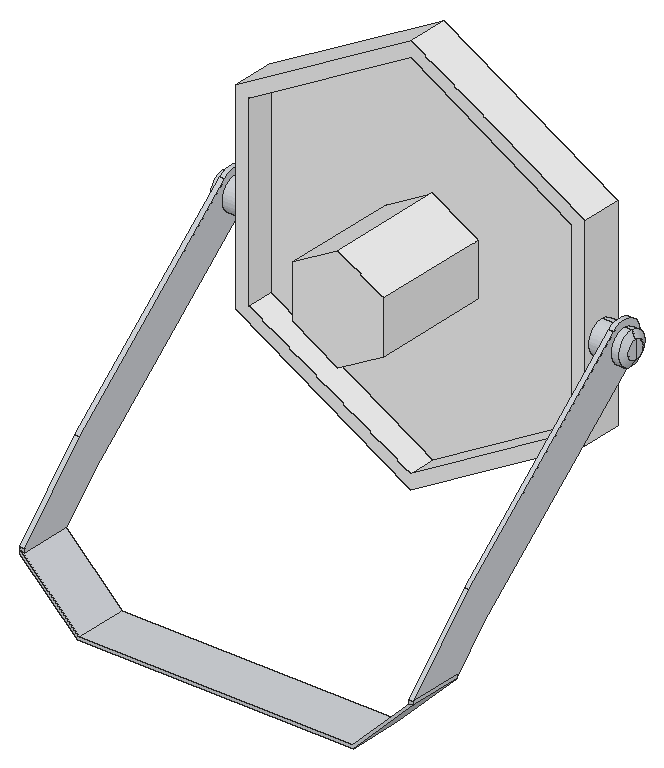
Revit family "Lighting-Floodlights-GEWISS-ESALITE-FL-LED_12K_DALI", category Apparecchi per illuminazione, host Superficie, Revit 2019 (continued)
Types (12, lengths in mm): name | Versions | Technical sheet | Optic | Nominal flux (lm) | built-in parameter 1150142 | Modello | Lumen output (lm) | IDT | File diagramma fotometrico | Descrizione | Colour temperature:
  GWS6424GD30K - ESALITE 12K 90° 3000K PRO+V GR.DALI | "3000K warm light" | "https://www.gewiss.com/ww/en/search?q=GWS6424GD30K" | "90°" | "14000" | "IESNA:LM-63-2002\r\n[TEST] GWS6424GD30K\r\n[TESTLAB] GEWISS\r\n[TESTDATE] 31 Aug 2018\r\n[ISSUEDATE] 31 Aug 2018\r\n[MANUFAC] GEWISS\r\n[LUMCAT] GWS6424GD30K\r\n[LUMINAIRE] ESALITE FL 12K+GLAS 90° GR. DALI LED830\r\n[FLASHAREA] 0.030706\r\n[LAMPCAT] LED 112W/3000K - 11800lm\r\n[LAMP] LED 112W/3000K - 11800lm\r\nTILT=NONE\r\n1 11800.00 1.0 28 19 1 2 -0.402 -0.402 0.000\r\n1.00 1.00 112.00\r\n0.00 2.50 5.00 7.50 10.00 12.50 15.00 17.50 20.00 22.50 \r\n25.00 27.50 30.00 32.50 35.00 37.50 40.00 42.50 45.00 \r\n50.00 55.00 60.00 65.00 70.00 75.00 80.00 85.00 90.00 \r\n0.00 5.00 10.00 15.00 20.00 25.00 30.00 35.00 40.00 45.00 \r\n50.00 55.00 60.00 65.00 70.00 75.00 80.00 85.00 90.00 \r\n6815.21 6798.33 6799.87 6843.76 6931.08 7020.41 7012.86 \r\n6938.87 6846.83 6760.69 6661.34 6542.51 6387.34 6170.34 \r\n5879.35 5446.41 4385.23 2340.29 1020.91 578.29 615.00 \r\n504.98 432.97 339.97 229.77 115.56 37.15 0.70 \r\n6815.21 6800.93 6803.76 6852.97 6945.72 7030.79 7030.91 \r\n6955.51 6862.88 6774.97 6674.91 6549.59 6392.41 6170.69 \r\n5874.28 5435.55 4367.65 2325.31 1012.99 567.59 638.46 \r\n501.72 430.39 337.62 226.48 118.83 36.47 0.69 \r\n6815.21 6797.74 6798.45 6846.01 6943.00 7028.91 7028.32 \r\n6952.44 6862.76 6775.56 6678.68 6556.43 6396.31 6180.25 \r\n5885.96 5446.53 4385.82 2337.58 1014.27 565.31 562.49 \r\n498.33 428.87 335.39 220.73 114.96 34.81 0.69 \r\n6815.21 6797.04 6801.28 6846.36 6946.78 7030.79 7028.32 \r\n6951.62 6858.51 6771.43 6673.49 6555.96 6394.66 6179.78 \r\n5885.25 5445.11 4382.28 2339.70 1016.22 571.00 575.43 \r\n504.78 431.99 333.74 214.32 111.23 35.77 0.68 \r\n6815.21 6797.74 6801.17 6846.83 6954.09 7037.52 7035.40 \r\n6957.04 6859.34 6774.26 6678.45 6556.67 6397.61 6180.60 \r\n5886.43 5445.23 4380.40 2338.05 1011.45 587.63 942.83 \r\n503.47 430.30 323.01 206.68 102.79 30.93 0.66 \r\n6815.21 6794.09 6795.15 6841.64 6952.32 7034.57 7029.97 \r\n6948.43 6856.63 6773.32 6677.27 6556.20 6396.78 6180.84 \r\n5891.27 5451.84 4391.13 2344.54 1015.39 603.82 914.69 \r\n509.80 433.39 314.53 203.50 92.55 27.87 0.65 \r\n6815.21 6793.97 6793.14 6846.12 6961.06 7044.25 7034.22 \r\n6952.68 6858.16 6772.26 6678.56 6555.14 6394.30 6177.06 \r\n5888.55 5448.30 4380.28 2333.69 1008.59 609.35 703.56 \r\n509.30 431.27 308.65 200.93 83.84 27.45 0.63 \r\n6815.21 6790.55 6787.01 6844.83 6965.78 7048.26 7040.35 \r\n6950.32 6858.04 6777.09 6682.10 6557.26 6393.48 6179.90 \r\n5893.86 5456.56 4388.89 2340.77 1011.74 611.05 825.13 \r\n510.35 433.96 314.91 204.06 93.35 27.70 0.61 \r\n6815.21 6789.84 6785.59 6846.12 6977.46 7060.41 7044.84 \r\n6954.57 6863.23 6783.23 6685.76 6562.22 6401.85 6190.52 \r\n5902.36 5465.88 4397.03 2343.01 1008.19 595.38 866.05 \r\n504.20 431.99 324.29 208.25 104.21 31.24 0.59 \r\n6815.21 6783.94 6779.93 6844.00 6978.64 7065.37 7044.72 \r\n6947.01 6853.44 6769.54 6673.49 6550.30 6386.75 6177.30 \r\n5891.74 5454.67 4389.95 2340.18 1003.67 567.72 563.72 \r\n501.69 429.69 332.62 213.27 110.24 35.64 0.57 \r\n6815.21 6785.35 6778.16 6848.84 6989.97 7083.66 7056.16 \r\n6953.86 6865.71 6784.76 6689.18 6566.82 6406.69 6201.61 \r\n5915.46 5473.55 4403.17 2343.24 1006.10 569.72 562.72 \r\n502.03 431.48 338.09 222.49 115.60 35.41 0.55 \r\n6815.21 6781.93 6775.91 6852.50 6997.64 7090.38 7057.58 \r\n6951.38 6858.51 6776.50 6685.41 6563.40 6396.54 6190.75 \r\n5904.84 5467.18 4400.81 2345.01 1006.33 570.34 619.82 \r\n504.24 431.59 339.50 227.82 118.67 37.02 0.55 \r\n6815.21 6779.57 6778.16 6861.94 7011.91 7101.00 7061.83 \r\n6950.67 6859.34 6782.64 6690.13 6565.17 6399.02 6189.93 \r\n5900.59 5460.21 4386.89 2330.85 999.90 573.11 615.87 \r\n503.26 430.94 339.36 230.18 114.91 37.28 0.54 \r\n6815.21 6774.73 6774.26 6861.58 7014.75 7102.89 7059.11 \r\n6944.18 6855.80 6779.57 6687.53 6562.22 6400.56 6193.58 \r\n5905.31 5466.94 4394.08 2336.40 998.96 567.63 640.81 \r\n502.43 430.26 338.37 227.46 119.36 36.64 0.53 \r\n6815.21 6771.19 6774.62 6870.90 7023.01 7113.28 7059.82 \r\n6944.54 6857.57 6780.28 6689.07 6565.76 6401.38 6189.93 \r\n5901.18 5463.75 4394.08 2339.00 997.52 564.51 558.78 \r\n498.73 428.41 335.79 221.43 115.05 35.05 0.54 \r\n6815.21 6773.44 6773.32 6873.62 7026.90 7120.36 7061.83 \r\n6948.67 6865.00 6789.25 6700.28 6576.14 6413.30 6202.67 \r\n5915.22 5474.02 4401.05 2348.32 1000.84 567.16 583.96 \r\n501.46 429.12 332.15 213.69 111.00 35.75 0.55 \r\n6815.21 6770.01 6772.61 6875.27 7031.97 7119.18 7058.17 \r\n6940.05 6854.50 6779.69 6691.66 6564.46 6402.92 6192.40 \r\n5904.84 5464.11 4387.83 2342.89 1000.63 586.50 1092.89 \r\n502.39 430.30 322.91 207.41 103.55 31.50 0.55 \r\n6815.21 6769.90 6770.37 6878.69 7035.51 7125.67 7062.18 \r\n6941.11 6857.57 6786.18 6693.55 6567.05 6404.21 6192.40 \r\n5909.20 5464.93 4392.43 2344.19 1002.81 598.04 1003.68 \r\n509.08 431.79 312.92 203.24 92.47 27.90 0.56 \r\n6815.21 6774.62 6774.62 6880.46 7039.17 7126.61 7056.52 \r\n6939.58 6854.62 6780.75 6684.82 6556.79 6391.94 6177.77 \r\n5899.65 5460.33 4394.67 2354.22 1010.38 610.89 696.62 \r\n512.69 435.03 310.25 203.17 84.42 28.17 0.57 \r\n" | "GWS6424GD30K" | "11800" | "e4b364b06e3a458b96a80a10ea222f02" | "GWS6424GD30K.IES" | "ESALITE 12K 90° 3000K PRO+V GR.DALI" | "3000 K (CRI>80)"
  GWS6424GD57K - ESALITE 12K 90° 5700K PRO+V GR.DALI | "5700K cold light" | "https://www.gewiss.com/ww/en/search?q=GWS6424GD57K" | "90°" | "15000" | "IESNA:LM-63-2002\r\n[TEST] GWS6424GD57K\r\n[TESTLAB] GEWISS\r\n[TESTDATE] 31 Aug 2018\r\n[ISSUEDATE] 31 Aug 2018\r\n[MANUFAC] GEWISS\r\n[LUMCAT] GWS6424GD57K\r\n[LUMINAIRE] ESALITE FL 12K+GLAS 90° GR. DALI LED857\r\n[FLASHAREA] 0.030706\r\n[LAMPCAT] LED 112W/5700K - 12700lm\r\n[LAMP] LED 112W/5700K - 12700lm\r\nTILT=NONE\r\n1 12700.00 1.0 28 19 1 2 -0.402 -0.402 0.000\r\n1.00 1.00 112.00\r\n0.00 2.50 5.00 7.50 10.00 12.50 15.00 17.50 20.00 22.50 \r\n25.00 27.50 30.00 32.50 35.00 37.50 40.00 42.50 45.00 \r\n50.00 55.00 60.00 65.00 70.00 75.00 80.00 85.00 90.00 \r\n0.00 5.00 10.00 15.00 20.00 25.00 30.00 35.00 40.00 45.00 \r\n50.00 55.00 60.00 65.00 70.00 75.00 80.00 85.00 90.00 \r\n7335.01 7316.85 7318.50 7365.75 7459.73 7555.86 7547.74 \r\n7468.11 7369.05 7276.34 7169.40 7041.52 6874.51 6640.96 \r\n6327.77 5861.81 4719.70 2518.79 1098.78 622.40 661.91 \r\n543.50 465.99 365.90 247.29 124.37 39.99 0.76 \r\n7335.01 7319.64 7322.69 7375.65 7475.47 7567.04 7567.17 \r\n7486.02 7386.32 7291.70 7184.01 7049.13 6879.97 6641.34 \r\n6322.31 5850.13 4700.78 2502.66 1090.26 610.88 687.16 \r\n539.99 463.22 363.37 243.75 127.89 39.25 0.75 \r\n7335.01 7316.22 7316.98 7368.16 7472.55 7565.01 7564.37 \r\n7482.71 7386.19 7292.34 7188.07 7056.50 6884.16 6651.63 \r\n6334.89 5861.94 4720.34 2515.87 1091.63 608.43 605.40 \r\n536.33 461.58 360.97 237.57 123.73 37.46 0.74 \r\n7335.01 7315.45 7320.03 7368.54 7476.62 7567.04 7564.37 \r\n7481.82 7381.62 7287.89 7182.48 7055.99 6882.38 6651.12 \r\n6334.13 5860.41 4716.53 2518.16 1093.72 614.55 619.32 \r\n543.28 464.93 359.19 230.67 119.72 38.49 0.73 \r\n7335.01 7316.22 7319.90 7369.05 7484.49 7574.28 7571.99 \r\n7487.67 7382.51 7290.94 7187.82 7056.75 6885.56 6652.01 \r\n6335.39 5860.54 4714.49 2516.38 1088.59 632.45 1014.74 \r\n541.87 463.12 347.65 222.44 110.63 33.28 0.71 \r\n7335.01 7312.28 7313.42 7363.46 7482.59 7571.10 7566.15 \r\n7478.39 7379.59 7289.93 7186.55 7056.25 6884.67 6652.26 \r\n6340.60 5867.65 4726.05 2523.36 1092.83 649.87 984.45 \r\n548.68 466.45 338.52 219.02 99.61 30.00 0.70 \r\n7335.01 7312.15 7311.26 7368.29 7491.98 7581.52 7570.72 \r\n7482.97 7381.24 7288.78 7187.95 7055.10 6882.00 6648.20 \r\n6337.68 5863.84 4714.37 2511.68 1085.52 655.83 757.22 \r\n548.14 464.16 332.19 216.26 90.23 29.55 0.68 \r\n7335.01 7308.47 7304.66 7366.89 7497.06 7585.84 7577.33 \r\n7480.43 7381.11 7293.99 7191.76 7057.39 6881.11 6651.24 \r\n6343.40 5872.73 4723.64 2519.30 1088.91 657.66 888.06 \r\n549.27 467.06 338.92 219.62 100.47 29.81 0.66 \r\n7335.01 7307.71 7303.13 7368.29 7509.64 7598.92 7582.15 \r\n7485.00 7386.70 7300.60 7195.69 7062.72 6890.13 6662.67 \r\n6352.54 5882.77 4732.40 2521.71 1085.09 640.79 932.10 \r\n542.66 464.93 349.02 224.13 112.16 33.62 0.63 \r\n7335.01 7301.36 7297.04 7366.00 7510.91 7604.25 7582.03 \r\n7476.87 7376.16 7285.86 7182.48 7049.90 6873.88 6648.45 \r\n6341.11 5870.70 4724.78 2518.66 1080.22 611.02 606.72 \r\n539.95 462.46 357.99 229.54 118.65 38.36 0.61 \r\n7335.01 7302.88 7295.13 7371.21 7523.10 7623.94 7594.35 \r\n7484.24 7389.37 7302.25 7199.38 7067.68 6895.34 6674.61 \r\n6366.64 5891.02 4739.00 2521.97 1082.84 613.17 605.64 \r\n540.32 464.39 363.88 239.46 124.42 38.11 0.60 \r\n7335.01 7299.20 7292.72 7375.14 7531.35 7631.18 7595.87 \r\n7481.57 7381.62 7293.36 7195.31 7063.99 6884.42 6662.93 \r\n6355.21 5884.16 4736.46 2523.87 1083.08 613.84 667.09 \r\n542.70 464.50 365.39 245.20 127.72 39.85 0.59 \r\n7335.01 7296.66 7295.13 7385.30 7546.72 7642.61 7600.44 \r\n7480.81 7382.51 7299.96 7200.39 7065.90 6887.08 6662.04 \r\n6350.64 5876.67 4721.48 2508.63 1076.16 616.83 662.84 \r\n541.64 463.80 365.24 247.74 123.67 40.12 0.58 \r\n7335.01 7291.45 7290.94 7384.92 7549.77 7644.64 7597.52 \r\n7473.82 7378.70 7296.66 7197.60 7062.72 6888.73 6665.98 \r\n6355.71 5883.91 4729.23 2514.60 1075.16 610.92 689.69 \r\n540.75 463.08 364.17 244.81 128.46 39.44 0.57 \r\n7335.01 7287.64 7291.32 7394.96 7558.66 7655.81 7598.28 \r\n7474.20 7380.60 7297.42 7199.25 7066.53 6889.62 6662.04 \r\n6351.27 5880.48 4729.23 2517.39 1073.61 607.57 601.40 \r\n536.77 461.09 361.40 238.32 123.83 37.73 0.59 \r\n7335.01 7290.05 7289.93 7397.88 7562.85 7663.43 7600.44 \r\n7478.65 7388.61 7307.07 7211.31 7077.71 6902.45 6675.75 \r\n6366.38 5891.53 4736.72 2527.43 1077.18 610.41 628.50 \r\n539.71 461.85 357.48 229.98 119.47 38.48 0.59 \r\n7335.01 7286.37 7289.16 7399.65 7568.31 7662.16 7596.50 \r\n7469.38 7377.30 7296.78 7202.04 7065.14 6891.27 6664.71 \r\n6355.21 5880.86 4722.49 2521.59 1076.95 631.23 1176.25 \r\n540.70 463.12 347.54 223.23 111.44 33.91 0.60 \r\n7335.01 7286.24 7286.75 7403.34 7572.12 7669.15 7600.82 \r\n7470.52 7380.60 7303.77 7204.07 7067.93 6892.67 6664.71 \r\n6359.91 5881.75 4727.45 2522.98 1079.30 643.65 1080.24 \r\n547.90 464.72 336.79 218.74 99.52 30.03 0.61 \r\n7335.01 7291.32 7291.32 7405.24 7576.06 7670.16 7594.73 \r\n7468.87 7377.43 7297.93 7194.68 7056.88 6879.46 6648.96 \r\n6349.62 5876.80 4729.86 2533.78 1087.44 657.48 749.76 \r\n551.79 468.21 333.91 218.67 90.86 30.32 0.61 \r\n" | "GWS6424GD57K" | "12700" | "9b5e66c3613a43dfb9990fbbdd86d297" | "GWS6424GD57K.IES" | "ESALITE 12K 90° 5700K PRO+V GR.DALI" | "5700 K (CRI>80)"
  GWS6425GD - ESALITE 12K ELL.4000K PRO+V GR.DALI | "4000K natural light" | "https://www.gewiss.com/ww/en/search?q=GWS6425GD" | "Elliptical" | "15000" | "IESNA:LM-63-2002\r\n[TEST] GWS6425GD\r\n[TESTLAB] GEWISS\r\n[TESTDATE] 31 Aug 2018\r\n[ISSUEDATE] 31 Aug 2018\r\n[MANUFAC] GEWISS\r\n[LUMCAT] GWS6425GD\r\n[LUMINAIRE] ESALITE FL 12K+GLAS ELL. GR. DALI LED840\r\n[FLASHAREA] 0.030706\r\n[LAMPCAT] LED 112W/4000K - 11900lm\r\n[LAMP] LED 112W/4000K - 11900lm\r\nTILT=NONE\r\n1 11900.00 1.0 46 19 1 2 -0.402 -0.402 0.000\r\n1.00 1.00 112.00\r\n0.00 1.00 2.00 3.00 4.00 5.00 6.00 7.00 8.00 9.00 10.00 \r\n11.00 12.00 13.00 14.00 15.00 17.50 20.00 22.50 25.00 \r\n27.50 30.00 32.50 35.00 37.50 40.00 42.50 45.00 47.50 \r\n50.00 52.50 55.00 57.50 60.00 62.50 65.00 67.50 70.00 \r\n72.50 75.00 77.50 80.00 82.50 85.00 87.50 90.00 \r\n0.00 5.00 10.00 15.00 20.00 25.00 30.00 35.00 40.00 45.00 \r\n50.00 55.00 60.00 65.00 70.00 75.00 80.00 85.00 90.00 \r\n4745.36 4742.74 4745.24 4761.43 4803.79 4900.78 5060.00 \r\n5261.47 5454.25 5610.97 5684.51 5679.63 5662.38 5662.50 \r\n5671.18 5701.05 5810.41 5944.53 6121.12 6349.96 6696.96 \r\n7109.89 7165.82 7109.66 7093.35 7082.05 7061.82 6889.39 \r\n6364.95 5398.08 4081.34 2674.64 1534.39 989.53 1006.18 \r\n1253.19 1074.82 611.39 405.69 320.55 240.12 182.78 130.80 \r\n75.02 26.02 1.72 \r\n4745.36 4745.96 4747.86 4762.74 4804.63 4899.35 5055.83 \r\n5256.11 5448.18 5606.57 5680.11 5676.30 5659.52 5655.71 \r\n5666.90 5696.89 5806.01 5946.43 6118.50 6347.46 6685.42 \r\n7083.36 7150.00 7113.94 7103.94 7104.06 7094.18 6944.60 \r\n6431.59 5444.49 4111.09 2683.21 1518.44 979.29 997.26 \r\n1242.00 1061.81 597.19 379.46 285.03 214.24 163.16 108.60 \r\n57.89 20.45 1.71 \r\n4745.36 4746.55 4746.67 4760.36 4801.53 4891.97 5044.17 \r\n5242.07 5435.56 5594.67 5674.99 5676.06 5657.86 5653.45 \r\n5665.23 5693.20 5806.25 5951.31 6136.83 6373.28 6692.20 \r\n7052.30 7152.26 7162.49 7174.51 7189.03 7193.19 7067.77 \r\n6577.61 5580.27 4234.97 2782.34 1568.78 990.37 989.34 \r\n1238.67 1049.66 585.03 367.10 273.20 204.73 148.73 97.24 \r\n53.90 19.76 1.69 \r\n4745.36 4745.24 4746.55 4757.14 4795.70 4881.50 5027.63 \r\n5219.82 5411.88 5579.20 5668.21 5677.13 5659.16 5653.57 \r\n5663.69 5694.15 5812.91 5971.90 6172.65 6420.76 6715.53 \r\n7039.44 7191.17 7251.98 7287.20 7306.24 7276.85 7127.27 \r\n6670.19 5746.27 4490.11 3113.28 1869.37 1110.00 988.27 \r\n1223.56 1039.00 580.90 364.91 272.59 205.94 152.15 106.40 \r\n55.44 20.30 1.68 \r\n4745.36 4742.86 4744.77 4753.45 4787.73 4866.15 5002.64 \r\n5188.28 5378.92 5555.28 5662.97 5682.85 5665.23 5659.64 \r\n5668.21 5699.39 5823.27 5994.74 6209.90 6478.96 6766.22 \r\n7055.39 7243.05 7327.90 7342.42 7294.70 7144.76 6861.54 \r\n6418.15 5687.61 4655.99 3436.48 2232.08 1290.67 972.86 \r\n1155.59 1023.64 567.65 352.67 269.43 201.06 149.36 103.15 \r\n61.66 24.16 1.65 \r\n4745.36 4744.77 4745.96 4754.17 4783.44 4854.01 4981.46 \r\n5158.77 5346.79 5529.81 5657.74 5698.91 5688.20 5678.80 \r\n5686.30 5716.88 5848.73 6033.66 6261.07 6540.36 6816.92 \r\n7044.56 7189.27 7186.41 7049.92 6790.38 6383.40 5855.28 \r\n5266.11 4642.31 3867.62 2901.93 1918.64 1153.82 850.95 \r\n1001.06 950.35 533.62 341.34 261.15 190.94 131.22 85.27 \r\n53.57 25.38 1.62 \r\n4745.36 4745.96 4747.86 4754.76 4777.97 4838.42 4951.59 \r\n5116.88 5300.50 5491.49 5640.48 5711.05 5710.57 5701.77 \r\n5704.38 5730.92 5858.61 6043.30 6264.52 6508.35 6696.61 \r\n6761.10 6688.28 6413.15 5956.90 5365.47 4667.78 3937.95 \r\n3235.73 2611.34 2093.09 1619.35 1201.66 899.27 745.76 \r\n805.42 788.03 474.37 324.51 246.75 178.11 118.89 77.55 \r\n47.91 19.71 1.59 \r\n4745.36 4745.96 4746.67 4750.36 4770.95 4822.12 4921.36 \r\n5073.09 5250.52 5444.13 5613.35 5716.88 5736.04 5725.92 \r\n5723.42 5743.30 5858.73 6024.26 6186.69 6293.32 6249.05 \r\n5994.98 5556.94 4915.30 4145.84 3357.82 2623.59 2018.24 \r\n1595.20 1341.37 1217.96 1155.63 1074.52 935.71 765.57 \r\n656.73 586.13 418.71 306.13 235.62 171.36 122.14 79.56 \r\n47.17 18.89 1.52 \r\n4745.36 4744.05 4746.55 4747.74 4763.93 4807.96 4889.83 \r\n5024.54 5189.47 5379.87 5565.27 5697.48 5747.82 5743.65 \r\n5733.78 5746.87 5831.95 5929.41 5942.50 5789.11 5401.41 \r\n4760.00 3986.26 3150.17 2389.52 1817.25 1447.75 1264.49 \r\n1211.54 1207.14 1209.63 1203.45 1168.70 1055.47 862.45 \r\n649.12 488.48 380.68 298.12 234.74 175.32 132.34 88.68 \r\n47.12 18.10 1.45 \r\n4745.36 4746.55 4746.55 4749.05 4761.55 4797.84 4867.10 \r\n4978.37 5129.49 5311.33 5504.35 5666.66 5757.22 5774.71 \r\n5759.01 5754.01 5778.28 5743.18 5517.43 5031.32 4282.10 \r\n3373.05 2518.75 1881.75 1482.86 1280.56 1205.71 1207.61 \r\n1237.01 1261.99 1276.99 1277.58 1265.80 1195.24 1023.47 \r\n800.27 574.02 413.66 314.29 241.51 180.36 135.01 93.32 \r\n48.86 17.43 1.38 \r\n4745.36 4745.36 4744.05 4745.96 4755.24 4782.61 4837.83 \r\n4925.89 5051.91 5217.56 5403.79 5587.53 5715.93 5771.86 \r\n5762.46 5736.99 5662.38 5435.56 4923.74 4108.00 3123.75 \r\n2212.45 1633.16 1344.22 1224.51 1201.07 1207.26 1230.22 \r\n1268.78 1301.62 1317.69 1322.69 1317.69 1291.86 1216.18 \r\n1090.05 829.97 530.47 351.44 255.98 187.02 134.95 88.02 \r\n47.10 17.68 1.31 \r\n4745.36 4745.96 4745.96 4746.55 4755.24 4779.52 4823.55 \r\n4891.38 4992.05 5134.49 5307.88 5496.85 5655.48 5758.65 \r\n5775.43 5734.49 5518.39 5059.05 4264.01 3207.17 2203.05 \r\n1569.25 1299.36 1209.16 1201.07 1215.35 1227.13 1246.41 \r\n1278.18 1306.86 1313.64 1307.33 1302.46 1310.43 1359.34 \r\n1403.25 1113.98 673.49 414.52 288.40 206.41 153.75 97.24 \r\n51.31 18.39 1.23 \r\n4745.36 4743.46 4744.77 4744.77 4752.86 4771.54 4803.91 \r\n4855.68 4929.10 5039.41 5187.69 5370.35 5543.02 5687.01 \r\n5749.72 5705.93 5332.03 4634.69 3616.05 2460.80 1645.53 \r\n1335.06 1222.37 1200.00 1213.68 1229.87 1237.36 1241.76 \r\n1256.64 1270.33 1266.52 1247.24 1233.55 1271.99 1416.10 \r\n1584.96 1271.28 739.16 449.63 310.55 219.85 156.08 102.19 \r\n54.19 19.60 1.16 \r\n4745.36 4744.05 4745.36 4746.55 4755.95 4774.64 4805.10 \r\n4843.06 4896.02 4973.84 5086.65 5241.71 5412.36 5575.51 \r\n5675.11 5666.30 5167.10 4238.18 3057.23 1933.39 1399.56 \r\n1294.96 1228.44 1214.63 1226.53 1239.62 1239.50 1230.22 \r\n1225.94 1227.25 1217.85 1202.85 1197.26 1248.31 1440.26 \r\n1660.41 1311.74 750.74 470.54 318.77 217.63 159.00 103.30 \r\n54.07 19.55 1.15 \r\n4745.36 4742.86 4743.46 4744.65 4754.65 4772.14 4799.03 \r\n4827.12 4862.70 4910.18 4984.43 5096.77 5239.09 5393.44 \r\n5511.48 5534.10 4993.24 3879.04 2613.36 1619.71 1333.99 \r\n1337.68 1260.92 1234.15 1239.74 1245.93 1238.55 1219.75 \r\n1203.45 1200.35 1200.47 1197.38 1199.16 1258.66 1485.12 \r\n1738.71 1355.53 784.88 511.68 341.17 220.98 151.62 97.37 \r\n52.83 20.15 1.14 \r\n4745.36 4742.86 4743.46 4742.86 4754.05 4771.54 4793.91 \r\n4817.48 4841.16 4867.81 4905.78 4967.89 5055.00 5168.17 \r\n5268.13 5302.28 4809.03 3588.56 2295.63 1461.44 1346.13 \r\n1408.48 1295.79 1247.83 1244.74 1245.93 1236.05 1213.56 \r\n1191.19 1188.75 1200.59 1207.37 1212.37 1276.75 1526.53 \r\n1802.37 1416.93 852.41 581.52 375.74 241.75 153.34 103.80 \r\n53.86 20.87 1.17 \r\n4745.36 4745.36 4744.65 4745.96 4758.93 4777.61 4801.17 \r\n4823.55 4842.82 4860.91 4877.69 4901.85 4934.22 4985.74 \r\n5035.48 5045.96 4627.20 3442.31 2153.07 1417.41 1404.32 \r\n1493.69 1329.71 1269.49 1261.40 1255.21 1242.12 1219.75 \r\n1195.59 1190.60 1207.37 1221.06 1229.15 1301.15 1568.78 \r\n1858.30 1469.41 927.70 689.50 466.43 293.16 169.18 102.53 \r\n51.94 20.30 1.21 \r\n4745.36 4743.46 4743.46 4745.36 4757.26 4778.56 4799.27 \r\n4822.36 4840.44 4854.84 4861.03 4862.22 4860.79 4851.39 \r\n4835.45 4797.01 4440.96 3446.00 2127.36 1411.10 1462.63 \r\n1572.11 1361.72 1285.91 1275.92 1260.09 1240.69 1218.68 \r\n1201.31 1195.12 1206.30 1222.61 1236.29 1317.21 1601.03 \r\n1892.58 1533.43 1021.84 776.34 617.15 410.90 211.83 87.61 \r\n49.51 19.08 1.27 \r\n4745.36 4741.56 4741.56 4744.05 4755.24 4775.23 4797.72 \r\n4818.90 4835.09 4847.58 4853.89 4850.08 4835.21 4802.84 \r\n4751.79 4679.56 4341.95 3455.76 2108.92 1401.46 1481.07 \r\n1595.79 1366.36 1286.63 1274.13 1254.26 1233.08 1210.59 \r\n1198.09 1194.40 1203.09 1215.59 1235.46 1321.85 1610.90 \r\n1900.31 1553.55 1074.03 831.68 699.78 491.46 213.68 84.47 \r\n49.69 18.84 1.26 \r\n" | "GWS6425GD" | "11900" | "b0d0416e6e4f498e908d20bf5c7ff17b" | "GWS6425GD.IES" | "ESALITE 12K ELL.4000K PRO+V GR.DALI" | "4000 K (CRI>80)"
